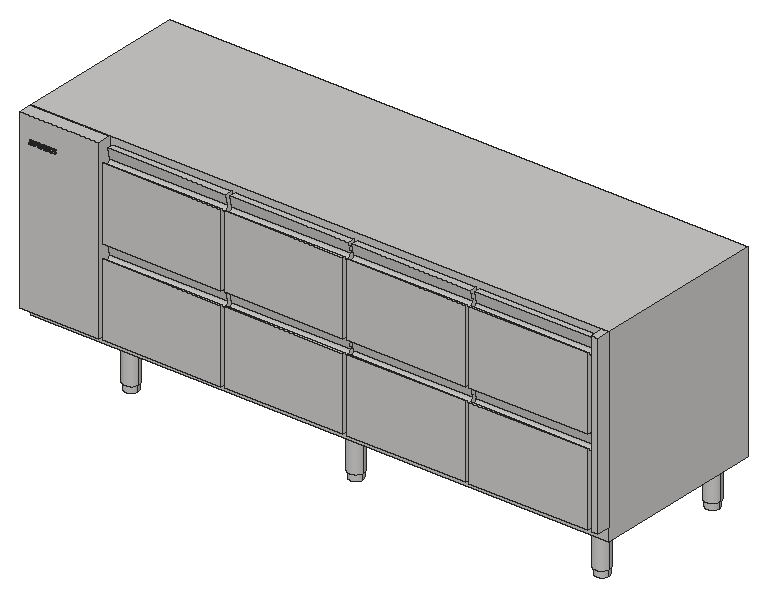
Revit family "QF_ALPENINOX_721092_AK4R7BBBB", category Attrezzature speciali, Revit 2018
Family settings
  Quota connettore circolare = Usa diametro
  Tipo di parte = Normale
  Basato su piano di lavoro = No
  Sempre verticale = Sì
  Taglio con vuoti quando caricato = No
  Condiviso = No
  Punto di calcolo locali = No
Parameters (values of type "Standard")
  Weight = 138.00 kg
  Watts = 270 W
  Volts = 220 V
  URL Manufacturer = "http://www.alpeninox.com"
  URL = "http://www.alpeninox.com"
  Steam Supply Size = 0 mm
  Steam Supply Minimum Pressure = 0.0 Pa
  Steam Supply Maximum Pressure = 0.0 Pa
  Steam Consumption per Hour = 0
  Refrigeration Suction Line Size = 0 mm
  Refrigeration Liquid Line Size = 0 mm
  Refrigerant Compressor Remote = yes
  Produttore = "Alpeninox"
  Phase = 1
  Modello = "AK4R7BBBB"
  Length Actual = 2149 mm  # constant formula
  Item Number = "721092"
  Hot Water Size = 0 mm
  Height Actual = 850 mm  # constant formula
  HP = "0.4 HP"
  Gas Size = 0 mm
  Gas KW = 0
  Gas Input Pressure = 0 W
  Direct Waste Size = 0 mm
  Descrizione = "8X1/2-DRAWER REFRIGERATED COUNTER, -2+10°C, FULL AISI 304 (R290), WITHOUT WORK TOP"
  Depth Actual = 700 mm  # constant formula
  Cycle = 50 Hz
  Condensate Return Size = 0 mm
  Compressed Air Volume = 0.0 L/s
  Compressed Air Size = 0 mm
  Compressed Air Pressure = 0.0 Pa
  Cold Water Size = 0 mm
  Accessory = yes
Values of the unnamed type that differ from the named types
  Weight = 0.00 kg
  Watts = 0 W
  Volts = 0 V
  URL Manufacturer = ""
  Item Number = ""
  HP = ""
  Cycle = 0 Hz
Reference planes
  plane 1: z = 0
  plane 2 "Center (Left/Right)": x = -126.5
  plane 3 "Center (Front/Back)": y = 64.5
  plane 4 "FEET": z = 150
  plane 5 "TOP": z = 900
  plane 6 "PLAIN": z = 850
  plane 7 "EI_back": y = 103
  plane 8 "EI_left": x = -1140
  plane 9 "BACK": y = 412
  plane 10 "FRONT": y = -283
  plane 11 "DOOR": y = -233
  plane 12 "LEFT": x = -1201
  plane 13 "RIGHT": x = 948
  plane 14: x = -1176
  plane 15: x = 923
Forms (mm)
  Extrusion 1, solid, material "QF_Finishes_Stainless Steel"
    sketch origin (-1022.223, -1524, 150) x (-1, 0, 0) y (0, -1, 0)
      loop
        circle (117.777, -1627) r 5
    from 0 to -40
  Extrusion 2, solid, material "QF_Finishes_Stainless Steel"
    sketch origin (-1022.223, -1524, 150) x (-1, 0, 0) y (0, -1, 0)
      loop
        line (-1945.223, -1291) -> (-1945.223, -1241) -> (-1970.223, -1241) -> (-1970.223, -1291) -> (-1945.223, -1291)
    from 48 to 700
  Extrusion 3, solid, material "QF_Finishes_Stainless Steel"
    sketch origin (-1022.223, -1524, 150) x (-1, 0, 0) y (0, -1, 0)
      loop
        line (178.777, -1936) -> (178.777, -1291) -> (-1970.223, -1291) -> (-1970.223, -1936) -> (178.777, -1936)
    from 0 to 700
Lines and regions (mm)
  symbolic lines, style "SpecialityEquipmentHiddenLines"
    curve 1: line (-1201, 412, 150) -> (948, 412, 150)
    curve 2: line (-1201, -283, 150) -> (-1201, 412, 150)
    curve 3: line (948, -283, 150) -> (-1201, -283, 150)
    curve 4: line (948, 412, 150) -> (948, -283, 150)
    curve 5: line (-1201, -233, 150) -> (948, -233, 150)
    curve 6: line (923, -283, 150) -> (923, -233, 150)
Dimensions and locks
  plane 4 "FEET" to level = 150 mm
  plane 11 "DOOR" to plane 10 "FRONT" = 50 mm
  plane 6 "PLAIN" to plane 4 "FEET" = 700 mm
  plane 5 "TOP" to plane 6 "PLAIN" = 50 mm
  plane 12 "LEFT" to plane 14 = 25 mm
  plane 15 to plane 13 "RIGHT" = 25 mm
  plane 9 "BACK" to plane 7 "EI_back" = 309 mm
  plane 12 "LEFT" to plane 8 "EI_left" = 61 mm
  plane 12 "LEFT" to plane 13 "RIGHT" = 2149 mm
  equal spacing: plane 12 "LEFT", plane 2 "Center (Left/Right)", plane 13 "RIGHT"
  plane 9 "BACK" to plane 10 "FRONT" = 695 mm
  equal spacing: plane 9 "BACK", plane 3 "Center (Front/Back)", plane 10 "FRONT"
  aligned and locked: level to plane 1
  aligned and locked: plane 13 "RIGHT" to Extrusion 2
  aligned and locked: Extrusion 2 to plane 15
Automatic sketch dimensions
  Extrusion 1 sketch curve to plane 7 "EI_back" = 0 mm
  Extrusion 1 sketch curve to plane 8 "EI_left" = 0 mm
  Extrusion 2 sketch curve to plane 11 "DOOR" = 0 mm
  Extrusion 2 sketch curve to plane 13 "RIGHT" = 0 mm
  Extrusion 2 sketch curve to plane 10 "FRONT" = 0 mm
  Extrusion 2 sketch curve to plane 15 = 0 mm
  Extrusion 3 sketch curve to plane 9 "BACK" = 0 mm
  Extrusion 3 sketch curve to plane 13 "RIGHT" = 0 mm
  Extrusion 3 sketch curve to plane 11 "DOOR" = 0 mm
  Extrusion 3 sketch curve to plane 12 "LEFT" = 0 mm
  curve 1 to plane 13 "RIGHT" = 0 mm
  curve 6 to plane 10 "FRONT" = 0 mm
  curve 6 to plane 15 = 0 mm
  curve 5 to plane 12 "LEFT" = 0 mm
  curve 6 to plane 11 "DOOR" = 0 mm
  curve 1 to plane 9 "BACK" = 0 mm
  radius of Extrusion 1 sketch curve = 5 mm
Nested families
  nested 1: "HPC_Refrigerator" at (948, -283, 0), type "HPC_Refrigerator"
  nested 2: "HPC_FEET" at (-867, 331, 0), type "HPC_FEET"
  nested 3: "HPC_FEET" at (882, 331, 0), type "HPC_FEET"
  nested 4: "HPC_FEET" at (-867, -183, 0), type "HPC_FEET"
  nested 5: "HPC_FEET" at (882, -183, 0), type "HPC_FEET"
  nested 6: "HPC_FEET" at (-32, -183, 0), type "HPC_FEET"
  nested 7: "HPC_APX_BI_TN_L" at (-994.08, -233, 598) x (1, 0, 0) z (0, -1, 0), type "HPC_APX_BI_TN_L"
    with Show Logo yes
  nested 8: "HPC_APX_HALF" at (-673, -233, 512) x (1, 0, 0) z (0, -1, 0), type "HPC_APX_HALF"
    with Show Clearance yes
  nested 9: "HPC_APX_HALF" at (-219, -233, 512) x (1, 0, 0) z (0, -1, 0), type "HPC_APX_HALF"
    with Show Clearance yes
  nested 10: "HPC_APX_HALF" at (235, -233, 512) x (1, 0, 0) z (0, -1, 0), type "HPC_APX_HALF"
    with Show Clearance yes
  nested 11: "HPC_APX_HALF" at (689, -233, 512) x (1, 0, 0) z (0, -1, 0), type "HPC_APX_HALF"
    with Show Clearance yes
Connectors
  electrical at (-1140, 103, 110), driven by "Volts"
    settings: on Extrusion 1, index 1, voltage 220 V, apparent load 0 VA, apparent load phase1 0 VA, apparent load phase2 0 VA, apparent load phase3 0 VA, power factor 1, load classification "Other", number of poles 1, system type 31, power factor state 1, is connector primary yes, connector utility no, sub classification motor no, connector description "Electrical Connection"
Definition of nested family "HPC_FEET"
  Parameters
    FEET = 150 mm
  Reference planes
    plane 1 "Center (Front/Back)": y = 0
    plane 2: z = 0
    plane 3 "Center (Left/Right)": x = 0
    plane 4: z = 150
  Forms (mm)
    Revolve 1, solid
      sketch origin (255.05, 0, 608.09) x (0, 0, 1) y (-1, 0, 0)
        loop
          line (-608.09, 255.05) -> (-608.09, 230.05) -> (-583.09, 230.05) -> (-583.09, 226.05) -> (-458.09, 226.05) -> (-458.09, 255.05) -> (-608.09, 255.05)
        axis (-608.09, 255.05) -> (-458.09, 255.05)
      angle from 0 to 360
  Dimensions and locks
    locked: Revolve 1 sketch curve to Revolve 1 sketch curve at 125
    "FEET": plane 4 to plane 2
    aligned and locked: level to plane 2
    aligned and locked: plane 4 to Revolve 1 sketch curve
    aligned and locked: Revolve 1 sketch curve to level
    aligned and locked: plane 3 "Center (Left/Right)" to Revolve 1 sketch curve
  Automatic sketch dimensions
    Revolve 1 sketch curve to plane 3 "Center (Left/Right)" = 0 mm
    Revolve 1 sketch curve to Revolve 1 sketch curve = 25 mm
    Revolve 1 sketch curve to Revolve 1 sketch curve = 29 mm
    plane 4 to Revolve 1 sketch curve = 50 mm
    Revolve 1 sketch curve to Revolve 1 sketch curve = 20 mm
Definition of nested family "HPC_APX_BI_TN_L"
  Parameters
    Show Logo [instance] = yes
    Default Elevation = 1219.2 mm
  Reference planes
    plane 1 "Center (Front/Back)": y = -74
    plane 2: z = 0
    plane 3 "Center (Left/Right)": x = -59.92
    plane 4: x = -206.92
    plane 5: x = 87.08
    plane 6: y = 252
    plane 7: y = -400
  Forms (mm)
    Extrusion 1, solid
      sketch origin (0, 0, 0) x (1, 0, 0) y (0, 1, 0)
        loop
          line (-1219.2, 1219.2) -> (-1219.2, -1219.2) -> (1219.2, -1219.2) -> (1219.2, 1219.2) -> (-1219.2, 1219.2)
      from 0 to -304.8
    Extrusion 2, solid
      sketch origin (0, 0, 0) x (1, 0, 0) y (0, 1, 0)
        loop
          line (-206.92, 252) -> (-206.92, -400) -> (87.08, -400) -> (87.08, 252) -> (-206.92, 252)
      from 0 to 50
    Extrusion 3, solid
      sketch origin (0, 0, 0) x (1, 0, 0) y (0, 1, 0)
        loop
          line (-168.675, 170.349) -> (-172.411, 160.318)
          arc (-172.411, 160.318) -> (-171.624, 158.497) -> (-169.837, 159.36) r 1.374
          line (-169.837, 159.36) -> (-169.268, 161.111) -> (-164.1, 161.111) -> (-163.54, 159.379)
          arc (-163.54, 159.379) -> (-161.802, 158.542) -> (-161.049, 160.318) r 1.333
          line (-161.049, 160.318) -> (-164.694, 170.349)
          arc (-164.694, 170.349) -> (-166.685, 171.876) -> (-168.675, 170.349) r 2.06
        loop
          line (-166.681, 169.055) -> (-168.469, 163.655) -> (-164.935, 163.655) -> (-166.681, 169.055)
        loop
          arc (-159.705, 160.042) -> (-159.262, 158.973) -> (-158.194, 158.531) r 1.512
          line (-158.194, 158.531) -> (-153.608, 158.531)
          arc (-153.608, 158.531) -> (-152.337, 159.802) -> (-153.608, 161.074) r 1.272
          line (-153.608, 161.074) -> (-156.917, 161.074) -> (-156.917, 170.328)
          arc (-156.917, 170.328) -> (-158.311, 171.722) -> (-159.705, 170.328) r 1.394
          line (-159.705, 170.328) -> (-159.705, 160.042)
        loop
          line (-151.076, 170.218) -> (-151.076, 159.859)
          arc (-151.076, 159.859) -> (-149.683, 158.466) -> (-148.29, 159.859) r 1.393
          line (-148.29, 159.859) -> (-148.29, 162.882) -> (-146.225, 162.882)
          arc (-146.225, 162.882) -> (-142.999, 163.859) -> (-141.608, 166.928) r 4.082
          arc (-141.608, 166.928) -> (-142.993, 170.272) -> (-146.336, 171.657) r 4.728
          line (-146.336, 171.657) -> (-149.638, 171.657)
          arc (-149.638, 171.657) -> (-150.655, 171.235) -> (-151.076, 170.218) r 1.439
        loop
          line (-148.29, 165.313) -> (-146.388, 165.313)
          arc (-146.388, 165.313) -> (-144.433, 167.268) -> (-146.388, 169.222) r 1.955
          line (-146.388, 169.222) -> (-148.29, 169.222) -> (-148.29, 165.313)
        loop
          arc (-131.184, 166.332) -> (-132.004, 168.2) -> (-133.767, 169.228) r 3.3
          arc (-133.767, 169.228) -> (-136.353, 168.661) -> (-137.611, 166.332) r 3.176
          line (-137.611, 166.332) -> (-131.184, 166.332)
        loop
          line (-137.538, 163.743) -> (-130.544, 163.743)
          arc (-130.544, 163.743) -> (-129.292, 163.916) -> (-128.301, 164.701) r 2.4
          arc (-128.301, 164.701) -> (-128.155, 165.545) -> (-128.212, 166.399) r 3.635
          arc (-128.212, 166.399) -> (-130.364, 170.162) -> (-134.39, 171.769) r 6.579
          arc (-134.39, 171.769) -> (-138.918, 169.706) -> (-140.661, 165.044) r 6.501
          arc (-140.661, 165.044) -> (-139.276, 160.789) -> (-135.401, 158.549) r 6.252
          arc (-135.401, 158.549) -> (-132.922, 158.526) -> (-130.544, 159.232) r 8.361
          arc (-130.544, 159.232) -> (-129.466, 159.781) -> (-128.641, 160.666) r 3.486
          arc (-128.641, 160.666) -> (-128.419, 161.592) -> (-128.828, 162.451) r 1.425
          arc (-128.828, 162.451) -> (-129.368, 162.762) -> (-129.99, 162.762) r 1.203
          arc (-129.99, 162.762) -> (-130.406, 162.59) -> (-130.764, 162.316) r 1.724
          arc (-130.764, 162.316) -> (-131.666, 161.705) -> (-132.646, 161.229) r 7.6
          arc (-132.646, 161.229) -> (-135.676, 161.35) -> (-137.538, 163.743) r 3.6
        loop
          line (-126.669, 170.328) -> (-126.669, 159.859)
          arc (-126.669, 159.859) -> (-125.273, 158.463) -> (-123.878, 159.859) r 1.396
          line (-123.878, 159.859) -> (-123.878, 166.785) -> (-117.946, 159.029)
          arc (-117.946, 159.029) -> (-116.361, 158.51) -> (-115.379, 159.859) r 1.417
          line (-115.379, 159.859) -> (-115.379, 170.328)
          arc (-115.379, 170.328) -> (-116.774, 171.723) -> (-118.169, 170.328) r 1.395
          line (-118.169, 170.328) -> (-118.169, 163.311) -> (-124.101, 171.157)
          arc (-124.101, 171.157) -> (-125.687, 171.678) -> (-126.669, 170.328) r 1.418
        loop
          arc (-113.636, 159.859) -> (-112.241, 158.464) -> (-110.847, 159.859) r 1.394
          line (-110.847, 159.859) -> (-110.847, 170.328)
          arc (-110.847, 170.328) -> (-112.241, 171.723) -> (-113.636, 170.328) r 1.394
          line (-113.636, 170.328) -> (-113.636, 159.859)
        loop
          line (-109.102, 170.328) -> (-109.102, 159.859)
          arc (-109.102, 159.859) -> (-107.706, 158.463) -> (-106.31, 159.859) r 1.396
          line (-106.31, 159.859) -> (-106.31, 166.785) -> (-100.378, 159.029)
          arc (-100.378, 159.029) -> (-98.793, 158.51) -> (-97.812, 159.859) r 1.417
          line (-97.812, 159.859) -> (-97.812, 170.328)
          arc (-97.812, 170.328) -> (-99.207, 171.723) -> (-100.602, 170.328) r 1.395
          line (-100.602, 170.328) -> (-100.602, 163.311) -> (-106.533, 171.157)
          arc (-106.533, 171.157) -> (-108.119, 171.678) -> (-109.102, 170.328) r 1.418
        loop
          arc (-96.345, 165.093) -> (-95.619, 161.877) -> (-93.467, 159.379) r 6.806
          arc (-93.467, 159.379) -> (-91.792, 158.566) -> (-89.948, 158.31) r 5.956
          arc (-89.948, 158.31) -> (-88.104, 158.566) -> (-86.43, 159.379) r 5.956
          arc (-86.43, 159.379) -> (-84.277, 161.877) -> (-83.551, 165.093) r 6.806
          arc (-83.551, 165.093) -> (-84.277, 168.31) -> (-86.43, 170.808) r 6.806
          arc (-86.43, 170.808) -> (-88.104, 171.621) -> (-89.948, 171.877) r 5.956
          arc (-89.948, 171.877) -> (-91.792, 171.621) -> (-93.467, 170.808) r 5.956
          arc (-93.467, 170.808) -> (-95.619, 168.31) -> (-96.345, 165.093) r 6.806
        loop
          arc (-93.425, 165.093) -> (-93.138, 163.212) -> (-92.081, 161.629) r 4.387
          arc (-92.081, 161.629) -> (-91.087, 161.049) -> (-89.948, 160.881) r 3.035
          arc (-89.948, 160.881) -> (-88.809, 161.049) -> (-87.815, 161.629) r 3.035
          arc (-87.815, 161.629) -> (-86.759, 163.212) -> (-86.472, 165.093) r 4.387
          arc (-86.472, 165.093) -> (-86.759, 166.975) -> (-87.815, 168.558) r 4.387
          arc (-87.815, 168.558) -> (-88.809, 169.138) -> (-89.948, 169.306) r 3.035
          arc (-89.948, 169.306) -> (-91.087, 169.138) -> (-92.081, 168.558) r 3.035
          arc (-92.081, 168.558) -> (-93.138, 166.975) -> (-93.425, 165.093) r 4.387
        loop
          line (-83.139, 169.609) -> (-80.126, 165.552) -> (-83.81, 160.652)
          arc (-83.81, 160.652) -> (-83.512, 158.692) -> (-81.559, 159.029) r 1.388
          line (-81.559, 159.029) -> (-78.51, 163.232) -> (-75.461, 159.029)
          arc (-75.461, 159.029) -> (-73.507, 158.692) -> (-73.21, 160.652) r 1.388
          line (-73.21, 160.652) -> (-76.894, 165.552) -> (-73.881, 169.609)
          arc (-73.881, 169.609) -> (-74.249, 171.597) -> (-76.205, 171.084) r 1.38
          line (-76.205, 171.084) -> (-78.51, 167.841) -> (-80.815, 171.084)
          arc (-80.815, 171.084) -> (-82.771, 171.597) -> (-83.139, 169.609) r 1.38
      from 50 to 51.6
  Lines and regions (mm)
    Split face 1
      outline origin (0, 0, 50) x (1, 0, 0) y (0, 1, 0)
        loop
          line (87.08, 183) -> (-172.92, 183)
          arc (-172.92, 183) -> (-190.42, 165.5) -> (-172.92, 148) r 17.5
          line (-172.92, 148) -> (87.08, 148)
    Split face 2
      outline origin (-38, 0, 50) x (1, 0, 0) y (0, 1, 0)
        loop
          line (-5.42, 177) -> (-5.42, 154) -> (64.58, 154) -> (64.58, 177) -> (-5.42, 177)
    Split face 3
      outline origin (-38, 0, 50) x (1, 0, 0) y (0, 1, 0)
        loop
          line (44.58, 174) -> (44.58, 157) -> (61.58, 157) -> (61.58, 174) -> (44.58, 174)
    Split face 4
      outline origin (0, 0, 50) x (1, 0, 0) y (0, 1, 0)
        loop
          line (-206.92, 188) -> (87.08, 188)
    Split face 5
      outline origin (0, 0, 50) x (1, 0, 0) y (0, 1, 0)
        loop
          arc (-163.464, 131.824) -> (-167.464, 127.824) -> (-163.464, 123.824) r 4
          line (-163.464, 123.824) -> (-121.464, 123.824)
          arc (-121.464, 123.824) -> (-117.464, 127.824) -> (-121.464, 131.824) r 4
          line (-121.464, 131.824) -> (-163.464, 131.824)
    Split face 6
      outline origin (330, 0, 50) x (1, 0, 0) y (0, 1, 0)
        loop
          arc (-328.464, 131.824) -> (-332.464, 127.824) -> (-328.464, 123.824) r 4
          line (-328.464, 123.824) -> (-286.464, 123.824)
          arc (-286.464, 123.824) -> (-282.464, 127.824) -> (-286.464, 131.824) r 4
          line (-286.464, 131.824) -> (-328.464, 131.824)
    Split face 7
      outline origin (110, 0, 50) x (1, 0, 0) y (0, 1, 0)
        loop
          arc (-218.464, 131.824) -> (-222.464, 127.824) -> (-218.464, 123.824) r 4
          line (-218.464, 123.824) -> (-176.464, 123.824)
          arc (-176.464, 123.824) -> (-172.464, 127.824) -> (-176.464, 131.824) r 4
          line (-176.464, 131.824) -> (-218.464, 131.824)
    Split face 8
      outline origin (220, 0, 50) x (1, 0, 0) y (0, 1, 0)
        loop
          arc (-273.464, 131.824) -> (-277.464, 127.824) -> (-273.464, 123.824) r 4
          line (-273.464, 123.824) -> (-231.464, 123.824)
          arc (-231.464, 123.824) -> (-227.464, 127.824) -> (-231.464, 131.824) r 4
          line (-231.464, 131.824) -> (-273.464, 131.824)
    Split face 9
      outline origin (0, -24, 50) x (1, 0, 0) y (0, 1, 0)
        loop
          arc (-163.464, 143.824) -> (-167.464, 139.824) -> (-163.464, 135.824) r 4
          line (-163.464, 135.824) -> (-121.464, 135.824)
          arc (-121.464, 135.824) -> (-117.464, 139.824) -> (-121.464, 143.824) r 4
          line (-121.464, 143.824) -> (-163.464, 143.824)
    Split face 10
      outline origin (330, -24, 50) x (1, 0, 0) y (0, 1, 0)
        loop
          arc (-328.464, 143.824) -> (-332.464, 139.824) -> (-328.464, 135.824) r 4
          line (-328.464, 135.824) -> (-286.464, 135.824)
          arc (-286.464, 135.824) -> (-282.464, 139.824) -> (-286.464, 143.824) r 4
          line (-286.464, 143.824) -> (-328.464, 143.824)
    Split face 11
      outline origin (110, -24, 50) x (1, 0, 0) y (0, 1, 0)
        loop
          arc (-218.464, 143.824) -> (-222.464, 139.824) -> (-218.464, 135.824) r 4
          line (-218.464, 135.824) -> (-176.464, 135.824)
          arc (-176.464, 135.824) -> (-172.464, 139.824) -> (-176.464, 143.824) r 4
          line (-176.464, 143.824) -> (-218.464, 143.824)
    Split face 12
      outline origin (220, -24, 50) x (1, 0, 0) y (0, 1, 0)
        loop
          arc (-273.464, 143.824) -> (-277.464, 139.824) -> (-273.464, 135.824) r 4
          line (-273.464, 135.824) -> (-231.464, 135.824)
          arc (-231.464, 135.824) -> (-227.464, 139.824) -> (-231.464, 143.824) r 4
          line (-231.464, 143.824) -> (-273.464, 143.824)
    Split face 13
      outline origin (0, -48, 50) x (1, 0, 0) y (0, 1, 0)
        loop
          arc (-163.464, 155.824) -> (-167.464, 151.824) -> (-163.464, 147.824) r 4
          line (-163.464, 147.824) -> (-121.464, 147.824)
          arc (-121.464, 147.824) -> (-117.464, 151.824) -> (-121.464, 155.824) r 4
          line (-121.464, 155.824) -> (-163.464, 155.824)
    Split face 14
      outline origin (330, -48, 50) x (1, 0, 0) y (0, 1, 0)
        loop
          arc (-328.464, 155.824) -> (-332.464, 151.824) -> (-328.464, 147.824) r 4
          line (-328.464, 147.824) -> (-286.464, 147.824)
          arc (-286.464, 147.824) -> (-282.464, 151.824) -> (-286.464, 155.824) r 4
          line (-286.464, 155.824) -> (-328.464, 155.824)
    Split face 15
      outline origin (110, -48, 50) x (1, 0, 0) y (0, 1, 0)
        loop
          arc (-218.464, 155.824) -> (-222.464, 151.824) -> (-218.464, 147.824) r 4
          line (-218.464, 147.824) -> (-176.464, 147.824)
          arc (-176.464, 147.824) -> (-172.464, 151.824) -> (-176.464, 155.824) r 4
          line (-176.464, 155.824) -> (-218.464, 155.824)
    Split face 16
      outline origin (220, -48, 50) x (1, 0, 0) y (0, 1, 0)
        loop
          arc (-273.464, 155.824) -> (-277.464, 151.824) -> (-273.464, 147.824) r 4
          line (-273.464, 147.824) -> (-231.464, 147.824)
          arc (-231.464, 147.824) -> (-227.464, 151.824) -> (-231.464, 155.824) r 4
          line (-231.464, 155.824) -> (-273.464, 155.824)
    Split face 17
      outline origin (0, -72, 50) x (1, 0, 0) y (0, 1, 0)
        loop
          arc (-163.464, 167.824) -> (-167.464, 163.824) -> (-163.464, 159.824) r 4
          line (-163.464, 159.824) -> (-121.464, 159.824)
          arc (-121.464, 159.824) -> (-117.464, 163.824) -> (-121.464, 167.824) r 4
          line (-121.464, 167.824) -> (-163.464, 167.824)
    Split face 18
      outline origin (330, -72, 50) x (1, 0, 0) y (0, 1, 0)
        loop
          arc (-328.464, 167.824) -> (-332.464, 163.824) -> (-328.464, 159.824) r 4
          line (-328.464, 159.824) -> (-286.464, 159.824)
          arc (-286.464, 159.824) -> (-282.464, 163.824) -> (-286.464, 167.824) r 4
          line (-286.464, 167.824) -> (-328.464, 167.824)
    Split face 19
      outline origin (110, -72, 50) x (1, 0, 0) y (0, 1, 0)
        loop
          arc (-218.464, 167.824) -> (-222.464, 163.824) -> (-218.464, 159.824) r 4
          line (-218.464, 159.824) -> (-176.464, 159.824)
          arc (-176.464, 159.824) -> (-172.464, 163.824) -> (-176.464, 167.824) r 4
          line (-176.464, 167.824) -> (-218.464, 167.824)
    Split face 20
      outline origin (220, -72, 50) x (1, 0, 0) y (0, 1, 0)
        loop
          arc (-273.464, 167.824) -> (-277.464, 163.824) -> (-273.464, 159.824) r 4
          line (-273.464, 159.824) -> (-231.464, 159.824)
          arc (-231.464, 159.824) -> (-227.464, 163.824) -> (-231.464, 167.824) r 4
          line (-231.464, 167.824) -> (-273.464, 167.824)
    Split face 21
      outline origin (0, -96, 50) x (1, 0, 0) y (0, 1, 0)
        loop
          arc (-163.464, 179.824) -> (-167.464, 175.824) -> (-163.464, 171.824) r 4
          line (-163.464, 171.824) -> (-121.464, 171.824)
          arc (-121.464, 171.824) -> (-117.464, 175.824) -> (-121.464, 179.824) r 4
          line (-121.464, 179.824) -> (-163.464, 179.824)
    Split face 22
      outline origin (330, -96, 50) x (1, 0, 0) y (0, 1, 0)
        loop
          arc (-328.464, 179.824) -> (-332.464, 175.824) -> (-328.464, 171.824) r 4
          line (-328.464, 171.824) -> (-286.464, 171.824)
          arc (-286.464, 171.824) -> (-282.464, 175.824) -> (-286.464, 179.824) r 4
          line (-286.464, 179.824) -> (-328.464, 179.824)
    Split face 23
      outline origin (110, -96, 50) x (1, 0, 0) y (0, 1, 0)
        loop
          arc (-218.464, 179.824) -> (-222.464, 175.824) -> (-218.464, 171.824) r 4
          line (-218.464, 171.824) -> (-176.464, 171.824)
          arc (-176.464, 171.824) -> (-172.464, 175.824) -> (-176.464, 179.824) r 4
          line (-176.464, 179.824) -> (-218.464, 179.824)
    Split face 24
      outline origin (220, -96, 50) x (1, 0, 0) y (0, 1, 0)
        loop
          arc (-273.464, 179.824) -> (-277.464, 175.824) -> (-273.464, 171.824) r 4
          line (-273.464, 171.824) -> (-231.464, 171.824)
          arc (-231.464, 171.824) -> (-227.464, 175.824) -> (-231.464, 179.824) r 4
          line (-231.464, 179.824) -> (-273.464, 179.824)
    Split face 25
      outline origin (0, -120, 50) x (1, 0, 0) y (0, 1, 0)
        loop
          arc (-163.464, 191.824) -> (-167.464, 187.824) -> (-163.464, 183.824) r 4
          line (-163.464, 183.824) -> (-121.464, 183.824)
          arc (-121.464, 183.824) -> (-117.464, 187.824) -> (-121.464, 191.824) r 4
          line (-121.464, 191.824) -> (-163.464, 191.824)
    Split face 26
      outline origin (330, -120, 50) x (1, 0, 0) y (0, 1, 0)
        loop
          arc (-328.464, 191.824) -> (-332.464, 187.824) -> (-328.464, 183.824) r 4
          line (-328.464, 183.824) -> (-286.464, 183.824)
          arc (-286.464, 183.824) -> (-282.464, 187.824) -> (-286.464, 191.824) r 4
          line (-286.464, 191.824) -> (-328.464, 191.824)
    Split face 27
      outline origin (110, -120, 50) x (1, 0, 0) y (0, 1, 0)
        loop
          arc (-218.464, 191.824) -> (-222.464, 187.824) -> (-218.464, 183.824) r 4
          line (-218.464, 183.824) -> (-176.464, 183.824)
          arc (-176.464, 183.824) -> (-172.464, 187.824) -> (-176.464, 191.824) r 4
          line (-176.464, 191.824) -> (-218.464, 191.824)
    Split face 28
      outline origin (220, -120, 50) x (1, 0, 0) y (0, 1, 0)
        loop
          arc (-273.464, 191.824) -> (-277.464, 187.824) -> (-273.464, 183.824) r 4
          line (-273.464, 183.824) -> (-231.464, 183.824)
          arc (-231.464, 183.824) -> (-227.464, 187.824) -> (-231.464, 191.824) r 4
          line (-231.464, 191.824) -> (-273.464, 191.824)
    Split face 29
      outline origin (0, -144, 50) x (1, 0, 0) y (0, 1, 0)
        loop
          arc (-163.464, 203.824) -> (-167.464, 199.824) -> (-163.464, 195.824) r 4
          line (-163.464, 195.824) -> (-121.464, 195.824)
          arc (-121.464, 195.824) -> (-117.464, 199.824) -> (-121.464, 203.824) r 4
          line (-121.464, 203.824) -> (-163.464, 203.824)
    Split face 30
      outline origin (330, -144, 50) x (1, 0, 0) y (0, 1, 0)
        loop
          arc (-328.464, 203.824) -> (-332.464, 199.824) -> (-328.464, 195.824) r 4
          line (-328.464, 195.824) -> (-286.464, 195.824)
          arc (-286.464, 195.824) -> (-282.464, 199.824) -> (-286.464, 203.824) r 4
          line (-286.464, 203.824) -> (-328.464, 203.824)
    Split face 31
      outline origin (110, -144, 50) x (1, 0, 0) y (0, 1, 0)
        loop
          arc (-218.464, 203.824) -> (-222.464, 199.824) -> (-218.464, 195.824) r 4
          line (-218.464, 195.824) -> (-176.464, 195.824)
          arc (-176.464, 195.824) -> (-172.464, 199.824) -> (-176.464, 203.824) r 4
          line (-176.464, 203.824) -> (-218.464, 203.824)
    Split face 32
      outline origin (220, -144, 50) x (1, 0, 0) y (0, 1, 0)
        loop
          arc (-273.464, 203.824) -> (-277.464, 199.824) -> (-273.464, 195.824) r 4
          line (-273.464, 195.824) -> (-231.464, 195.824)
          arc (-231.464, 195.824) -> (-227.464, 199.824) -> (-231.464, 203.824) r 4
          line (-231.464, 203.824) -> (-273.464, 203.824)
    Split face 33
      outline origin (0, -168, 50) x (1, 0, 0) y (0, 1, 0)
        loop
          arc (-163.464, 215.824) -> (-167.464, 211.824) -> (-163.464, 207.824) r 4
          line (-163.464, 207.824) -> (-121.464, 207.824)
          arc (-121.464, 207.824) -> (-117.464, 211.824) -> (-121.464, 215.824) r 4
          line (-121.464, 215.824) -> (-163.464, 215.824)
    Split face 34
      outline origin (330, -168, 50) x (1, 0, 0) y (0, 1, 0)
        loop
          arc (-328.464, 215.824) -> (-332.464, 211.824) -> (-328.464, 207.824) r 4
          line (-328.464, 207.824) -> (-286.464, 207.824)
          arc (-286.464, 207.824) -> (-282.464, 211.824) -> (-286.464, 215.824) r 4
          line (-286.464, 215.824) -> (-328.464, 215.824)
    Split face 35
      outline origin (110, -168, 50) x (1, 0, 0) y (0, 1, 0)
        loop
          arc (-218.464, 215.824) -> (-222.464, 211.824) -> (-218.464, 207.824) r 4
          line (-218.464, 207.824) -> (-176.464, 207.824)
          arc (-176.464, 207.824) -> (-172.464, 211.824) -> (-176.464, 215.824) r 4
          line (-176.464, 215.824) -> (-218.464, 215.824)
    Split face 36
      outline origin (220, -168, 50) x (1, 0, 0) y (0, 1, 0)
        loop
          arc (-273.464, 215.824) -> (-277.464, 211.824) -> (-273.464, 207.824) r 4
          line (-273.464, 207.824) -> (-231.464, 207.824)
          arc (-231.464, 207.824) -> (-227.464, 211.824) -> (-231.464, 215.824) r 4
          line (-231.464, 215.824) -> (-273.464, 215.824)
    Split face 37
      outline origin (0, -192, 50) x (1, 0, 0) y (0, 1, 0)
        loop
          arc (-163.464, 227.824) -> (-167.464, 223.824) -> (-163.464, 219.824) r 4
          line (-163.464, 219.824) -> (-121.464, 219.824)
          arc (-121.464, 219.824) -> (-117.464, 223.824) -> (-121.464, 227.824) r 4
          line (-121.464, 227.824) -> (-163.464, 227.824)
    Split face 38
      outline origin (330, -192, 50) x (1, 0, 0) y (0, 1, 0)
        loop
          arc (-328.464, 227.824) -> (-332.464, 223.824) -> (-328.464, 219.824) r 4
          line (-328.464, 219.824) -> (-286.464, 219.824)
          arc (-286.464, 219.824) -> (-282.464, 223.824) -> (-286.464, 227.824) r 4
          line (-286.464, 227.824) -> (-328.464, 227.824)
    Split face 39
      outline origin (110, -192, 50) x (1, 0, 0) y (0, 1, 0)
        loop
          arc (-218.464, 227.824) -> (-222.464, 223.824) -> (-218.464, 219.824) r 4
          line (-218.464, 219.824) -> (-176.464, 219.824)
          arc (-176.464, 219.824) -> (-172.464, 223.824) -> (-176.464, 227.824) r 4
          line (-176.464, 227.824) -> (-218.464, 227.824)
    Split face 40
      outline origin (220, -192, 50) x (1, 0, 0) y (0, 1, 0)
        loop
          arc (-273.464, 227.824) -> (-277.464, 223.824) -> (-273.464, 219.824) r 4
          line (-273.464, 219.824) -> (-231.464, 219.824)
          arc (-231.464, 219.824) -> (-227.464, 223.824) -> (-231.464, 227.824) r 4
          line (-231.464, 227.824) -> (-273.464, 227.824)
    Split face 41
      outline origin (0, -216, 50) x (1, 0, 0) y (0, 1, 0)
        loop
          arc (-163.464, 239.824) -> (-167.464, 235.824) -> (-163.464, 231.824) r 4
          line (-163.464, 231.824) -> (-121.464, 231.824)
          arc (-121.464, 231.824) -> (-117.464, 235.824) -> (-121.464, 239.824) r 4
          line (-121.464, 239.824) -> (-163.464, 239.824)
    Split face 42
      outline origin (330, -216, 50) x (1, 0, 0) y (0, 1, 0)
        loop
          arc (-328.464, 239.824) -> (-332.464, 235.824) -> (-328.464, 231.824) r 4
          line (-328.464, 231.824) -> (-286.464, 231.824)
          arc (-286.464, 231.824) -> (-282.464, 235.824) -> (-286.464, 239.824) r 4
          line (-286.464, 239.824) -> (-328.464, 239.824)
    Split face 43
      outline origin (110, -216, 50) x (1, 0, 0) y (0, 1, 0)
        loop
          arc (-218.464, 239.824) -> (-222.464, 235.824) -> (-218.464, 231.824) r 4
          line (-218.464, 231.824) -> (-176.464, 231.824)
          arc (-176.464, 231.824) -> (-172.464, 235.824) -> (-176.464, 239.824) r 4
          line (-176.464, 239.824) -> (-218.464, 239.824)
    Split face 44
      outline origin (220, -216, 50) x (1, 0, 0) y (0, 1, 0)
        loop
          arc (-273.464, 239.824) -> (-277.464, 235.824) -> (-273.464, 231.824) r 4
          line (-273.464, 231.824) -> (-231.464, 231.824)
          arc (-231.464, 231.824) -> (-227.464, 235.824) -> (-231.464, 239.824) r 4
          line (-231.464, 239.824) -> (-273.464, 239.824)
    Split face 45
      outline origin (0, -240, 50) x (1, 0, 0) y (0, 1, 0)
        loop
          arc (-163.464, 251.824) -> (-167.464, 247.824) -> (-163.464, 243.824) r 4
          line (-163.464, 243.824) -> (-121.464, 243.824)
          arc (-121.464, 243.824) -> (-117.464, 247.824) -> (-121.464, 251.824) r 4
          line (-121.464, 251.824) -> (-163.464, 251.824)
    Split face 46
      outline origin (330, -240, 50) x (1, 0, 0) y (0, 1, 0)
        loop
          arc (-328.464, 251.824) -> (-332.464, 247.824) -> (-328.464, 243.824) r 4
          line (-328.464, 243.824) -> (-286.464, 243.824)
          arc (-286.464, 243.824) -> (-282.464, 247.824) -> (-286.464, 251.824) r 4
          line (-286.464, 251.824) -> (-328.464, 251.824)
    Split face 47
      outline origin (110, -240, 50) x (1, 0, 0) y (0, 1, 0)
        loop
          arc (-218.464, 251.824) -> (-222.464, 247.824) -> (-218.464, 243.824) r 4
          line (-218.464, 243.824) -> (-176.464, 243.824)
          arc (-176.464, 243.824) -> (-172.464, 247.824) -> (-176.464, 251.824) r 4
          line (-176.464, 251.824) -> (-218.464, 251.824)
    Split face 48
      outline origin (220, -240, 50) x (1, 0, 0) y (0, 1, 0)
        loop
          arc (-273.464, 251.824) -> (-277.464, 247.824) -> (-273.464, 243.824) r 4
          line (-273.464, 243.824) -> (-231.464, 243.824)
          arc (-231.464, 243.824) -> (-227.464, 247.824) -> (-231.464, 251.824) r 4
          line (-231.464, 251.824) -> (-273.464, 251.824)
    Split face 49
      outline origin (0, -264, 50) x (1, 0, 0) y (0, 1, 0)
        loop
          arc (-163.464, 263.824) -> (-167.464, 259.824) -> (-163.464, 255.824) r 4
          line (-163.464, 255.824) -> (-121.464, 255.824)
          arc (-121.464, 255.824) -> (-117.464, 259.824) -> (-121.464, 263.824) r 4
          line (-121.464, 263.824) -> (-163.464, 263.824)
    Split face 50
      outline origin (330, -264, 50) x (1, 0, 0) y (0, 1, 0)
        loop
          arc (-328.464, 263.824) -> (-332.464, 259.824) -> (-328.464, 255.824) r 4
          line (-328.464, 255.824) -> (-286.464, 255.824)
          arc (-286.464, 255.824) -> (-282.464, 259.824) -> (-286.464, 263.824) r 4
          line (-286.464, 263.824) -> (-328.464, 263.824)
    Split face 51
      outline origin (110, -264, 50) x (1, 0, 0) y (0, 1, 0)
        loop
          arc (-218.464, 263.824) -> (-222.464, 259.824) -> (-218.464, 255.824) r 4
          line (-218.464, 255.824) -> (-176.464, 255.824)
          arc (-176.464, 255.824) -> (-172.464, 259.824) -> (-176.464, 263.824) r 4
          line (-176.464, 263.824) -> (-218.464, 263.824)
    Split face 52
      outline origin (220, -264, 50) x (1, 0, 0) y (0, 1, 0)
        loop
          arc (-273.464, 263.824) -> (-277.464, 259.824) -> (-273.464, 255.824) r 4
          line (-273.464, 255.824) -> (-231.464, 255.824)
          arc (-231.464, 255.824) -> (-227.464, 259.824) -> (-231.464, 263.824) r 4
          line (-231.464, 263.824) -> (-273.464, 263.824)
    Split face 53
      outline origin (0, -288, 50) x (1, 0, 0) y (0, 1, 0)
        loop
          arc (-163.464, 275.824) -> (-167.464, 271.824) -> (-163.464, 267.824) r 4
          line (-163.464, 267.824) -> (-121.464, 267.824)
          arc (-121.464, 267.824) -> (-117.464, 271.824) -> (-121.464, 275.824) r 4
          line (-121.464, 275.824) -> (-163.464, 275.824)
    Split face 54
      outline origin (330, -288, 50) x (1, 0, 0) y (0, 1, 0)
        loop
          arc (-328.464, 275.824) -> (-332.464, 271.824) -> (-328.464, 267.824) r 4
          line (-328.464, 267.824) -> (-286.464, 267.824)
          arc (-286.464, 267.824) -> (-282.464, 271.824) -> (-286.464, 275.824) r 4
          line (-286.464, 275.824) -> (-328.464, 275.824)
    Split face 55
      outline origin (110, -288, 50) x (1, 0, 0) y (0, 1, 0)
        loop
          arc (-218.464, 275.824) -> (-222.464, 271.824) -> (-218.464, 267.824) r 4
          line (-218.464, 267.824) -> (-176.464, 267.824)
          arc (-176.464, 267.824) -> (-172.464, 271.824) -> (-176.464, 275.824) r 4
          line (-176.464, 275.824) -> (-218.464, 275.824)
    Split face 56
      outline origin (220, -288, 50) x (1, 0, 0) y (0, 1, 0)
        loop
          arc (-273.464, 275.824) -> (-277.464, 271.824) -> (-273.464, 267.824) r 4
          line (-273.464, 267.824) -> (-231.464, 267.824)
          arc (-231.464, 267.824) -> (-227.464, 271.824) -> (-231.464, 275.824) r 4
          line (-231.464, 275.824) -> (-273.464, 275.824)
    Split face 57
      outline origin (0, -312, 50) x (1, 0, 0) y (0, 1, 0)
        loop
          arc (-163.464, 287.824) -> (-167.464, 283.824) -> (-163.464, 279.824) r 4
          line (-163.464, 279.824) -> (-121.464, 279.824)
          arc (-121.464, 279.824) -> (-117.464, 283.824) -> (-121.464, 287.824) r 4
          line (-121.464, 287.824) -> (-163.464, 287.824)
    Split face 58
      outline origin (330, -312, 50) x (1, 0, 0) y (0, 1, 0)
        loop
          arc (-328.464, 287.824) -> (-332.464, 283.824) -> (-328.464, 279.824) r 4
          line (-328.464, 279.824) -> (-286.464, 279.824)
          arc (-286.464, 279.824) -> (-282.464, 283.824) -> (-286.464, 287.824) r 4
          line (-286.464, 287.824) -> (-328.464, 287.824)
    Split face 59
      outline origin (110, -312, 50) x (1, 0, 0) y (0, 1, 0)
        loop
          arc (-218.464, 287.824) -> (-222.464, 283.824) -> (-218.464, 279.824) r 4
          line (-218.464, 279.824) -> (-176.464, 279.824)
          arc (-176.464, 279.824) -> (-172.464, 283.824) -> (-176.464, 287.824) r 4
          line (-176.464, 287.824) -> (-218.464, 287.824)
    Split face 60
      outline origin (220, -312, 50) x (1, 0, 0) y (0, 1, 0)
        loop
          arc (-273.464, 287.824) -> (-277.464, 283.824) -> (-273.464, 279.824) r 4
          line (-273.464, 279.824) -> (-231.464, 279.824)
          arc (-231.464, 279.824) -> (-227.464, 283.824) -> (-231.464, 287.824) r 4
          line (-231.464, 287.824) -> (-273.464, 287.824)
    Split face 61
      outline origin (0, -336, 50) x (1, 0, 0) y (0, 1, 0)
        loop
          arc (-163.464, 299.824) -> (-167.464, 295.824) -> (-163.464, 291.824) r 4
          line (-163.464, 291.824) -> (-121.464, 291.824)
          arc (-121.464, 291.824) -> (-117.464, 295.824) -> (-121.464, 299.824) r 4
          line (-121.464, 299.824) -> (-163.464, 299.824)
    Split face 62
      outline origin (330, -336, 50) x (1, 0, 0) y (0, 1, 0)
        loop
          arc (-328.464, 299.824) -> (-332.464, 295.824) -> (-328.464, 291.824) r 4
          line (-328.464, 291.824) -> (-286.464, 291.824)
          arc (-286.464, 291.824) -> (-282.464, 295.824) -> (-286.464, 299.824) r 4
          line (-286.464, 299.824) -> (-328.464, 299.824)
    Split face 63
      outline origin (110, -336, 50) x (1, 0, 0) y (0, 1, 0)
        loop
          arc (-218.464, 299.824) -> (-222.464, 295.824) -> (-218.464, 291.824) r 4
          line (-218.464, 291.824) -> (-176.464, 291.824)
          arc (-176.464, 291.824) -> (-172.464, 295.824) -> (-176.464, 299.824) r 4
          line (-176.464, 299.824) -> (-218.464, 299.824)
    Split face 64
      outline origin (220, -336, 50) x (1, 0, 0) y (0, 1, 0)
        loop
          arc (-273.464, 299.824) -> (-277.464, 295.824) -> (-273.464, 291.824) r 4
          line (-273.464, 291.824) -> (-231.464, 291.824)
          arc (-231.464, 291.824) -> (-227.464, 295.824) -> (-231.464, 299.824) r 4
          line (-231.464, 299.824) -> (-273.464, 299.824)
    Split face 65
      outline origin (0, -360, 50) x (1, 0, 0) y (0, 1, 0)
        loop
          arc (-163.464, 311.824) -> (-167.464, 307.824) -> (-163.464, 303.824) r 4
          line (-163.464, 303.824) -> (-121.464, 303.824)
          arc (-121.464, 303.824) -> (-117.464, 307.824) -> (-121.464, 311.824) r 4
          line (-121.464, 311.824) -> (-163.464, 311.824)
    Split face 66
      outline origin (330, -360, 50) x (1, 0, 0) y (0, 1, 0)
        loop
          arc (-328.464, 311.824) -> (-332.464, 307.824) -> (-328.464, 303.824) r 4
          line (-328.464, 303.824) -> (-286.464, 303.824)
          arc (-286.464, 303.824) -> (-282.464, 307.824) -> (-286.464, 311.824) r 4
          line (-286.464, 311.824) -> (-328.464, 311.824)
    Split face 67
      outline origin (110, -360, 50) x (1, 0, 0) y (0, 1, 0)
        loop
          arc (-218.464, 311.824) -> (-222.464, 307.824) -> (-218.464, 303.824) r 4
          line (-218.464, 303.824) -> (-176.464, 303.824)
          arc (-176.464, 303.824) -> (-172.464, 307.824) -> (-176.464, 311.824) r 4
          line (-176.464, 311.824) -> (-218.464, 311.824)
    Split face 68
      outline origin (220, -360, 50) x (1, 0, 0) y (0, 1, 0)
        loop
          arc (-273.464, 311.824) -> (-277.464, 307.824) -> (-273.464, 303.824) r 4
          line (-273.464, 303.824) -> (-231.464, 303.824)
          arc (-231.464, 303.824) -> (-227.464, 307.824) -> (-231.464, 311.824) r 4
          line (-231.464, 311.824) -> (-273.464, 311.824)
    Split face 69
      outline origin (0, 0, 50) x (1, 0, 0) y (0, 1, 0)
        loop
          line (-206.92, 143) -> (87.08, 143)
    Split face 70
      outline origin (0, -663.3, 50) x (1, 0, 0) y (0, 1, 0)
        loop
          arc (-163.464, 463.474) -> (-167.464, 459.474) -> (-163.464, 455.474) r 4
          line (-163.464, 455.474) -> (-121.464, 455.474)
          arc (-121.464, 455.474) -> (-117.464, 459.474) -> (-121.464, 463.474) r 4
          line (-121.464, 463.474) -> (-163.464, 463.474)
    Split face 71
      outline origin (330, -663.3, 50) x (1, 0, 0) y (0, 1, 0)
        loop
          arc (-328.464, 463.474) -> (-332.464, 459.474) -> (-328.464, 455.474) r 4
          line (-328.464, 455.474) -> (-286.464, 455.474)
          arc (-286.464, 455.474) -> (-282.464, 459.474) -> (-286.464, 463.474) r 4
          line (-286.464, 463.474) -> (-328.464, 463.474)
    Split face 72
      outline origin (110, -663.3, 50) x (1, 0, 0) y (0, 1, 0)
        loop
          arc (-218.464, 463.474) -> (-222.464, 459.474) -> (-218.464, 455.474) r 4
          line (-218.464, 455.474) -> (-176.464, 455.474)
          arc (-176.464, 455.474) -> (-172.464, 459.474) -> (-176.464, 463.474) r 4
          line (-176.464, 463.474) -> (-218.464, 463.474)
    Split face 73
      outline origin (220, -663.3, 50) x (1, 0, 0) y (0, 1, 0)
        loop
          arc (-273.464, 463.474) -> (-277.464, 459.474) -> (-273.464, 455.474) r 4
          line (-273.464, 455.474) -> (-231.464, 455.474)
          arc (-231.464, 455.474) -> (-227.464, 459.474) -> (-231.464, 463.474) r 4
          line (-231.464, 463.474) -> (-273.464, 463.474)
    Split face 74
      outline origin (0, -687.3, 50) x (1, 0, 0) y (0, 1, 0)
        loop
          arc (-163.464, 475.474) -> (-167.464, 471.474) -> (-163.464, 467.474) r 4
          line (-163.464, 467.474) -> (-121.464, 467.474)
          arc (-121.464, 467.474) -> (-117.464, 471.474) -> (-121.464, 475.474) r 4
          line (-121.464, 475.474) -> (-163.464, 475.474)
    Split face 75
      outline origin (330, -687.3, 50) x (1, 0, 0) y (0, 1, 0)
        loop
          arc (-328.464, 475.474) -> (-332.464, 471.474) -> (-328.464, 467.474) r 4
          line (-328.464, 467.474) -> (-286.464, 467.474)
          arc (-286.464, 467.474) -> (-282.464, 471.474) -> (-286.464, 475.474) r 4
          line (-286.464, 475.474) -> (-328.464, 475.474)
    Split face 76
      outline origin (110, -687.3, 50) x (1, 0, 0) y (0, 1, 0)
        loop
          arc (-218.464, 475.474) -> (-222.464, 471.474) -> (-218.464, 467.474) r 4
          line (-218.464, 467.474) -> (-176.464, 467.474)
          arc (-176.464, 467.474) -> (-172.464, 471.474) -> (-176.464, 475.474) r 4
          line (-176.464, 475.474) -> (-218.464, 475.474)
    Split face 77
      outline origin (220, -687.3, 50) x (1, 0, 0) y (0, 1, 0)
        loop
          arc (-273.464, 475.474) -> (-277.464, 471.474) -> (-273.464, 467.474) r 4
          line (-273.464, 467.474) -> (-231.464, 467.474)
          arc (-231.464, 467.474) -> (-227.464, 471.474) -> (-231.464, 475.474) r 4
          line (-231.464, 475.474) -> (-273.464, 475.474)
    Split face 78
      outline origin (0, -711.3, 50) x (1, 0, 0) y (0, 1, 0)
        loop
          arc (-163.464, 487.474) -> (-167.464, 483.474) -> (-163.464, 479.474) r 4
          line (-163.464, 479.474) -> (-121.464, 479.474)
          arc (-121.464, 479.474) -> (-117.464, 483.474) -> (-121.464, 487.474) r 4
          line (-121.464, 487.474) -> (-163.464, 487.474)
    Split face 79
      outline origin (330, -711.3, 50) x (1, 0, 0) y (0, 1, 0)
        loop
          arc (-328.464, 487.474) -> (-332.464, 483.474) -> (-328.464, 479.474) r 4
          line (-328.464, 479.474) -> (-286.464, 479.474)
          arc (-286.464, 479.474) -> (-282.464, 483.474) -> (-286.464, 487.474) r 4
          line (-286.464, 487.474) -> (-328.464, 487.474)
    Split face 80
      outline origin (110, -711.3, 50) x (1, 0, 0) y (0, 1, 0)
        loop
          arc (-218.464, 487.474) -> (-222.464, 483.474) -> (-218.464, 479.474) r 4
          line (-218.464, 479.474) -> (-176.464, 479.474)
          arc (-176.464, 479.474) -> (-172.464, 483.474) -> (-176.464, 487.474) r 4
          line (-176.464, 487.474) -> (-218.464, 487.474)
    Split face 81
      outline origin (220, -711.3, 50) x (1, 0, 0) y (0, 1, 0)
        loop
          arc (-273.464, 487.474) -> (-277.464, 483.474) -> (-273.464, 479.474) r 4
          line (-273.464, 479.474) -> (-231.464, 479.474)
          arc (-231.464, 479.474) -> (-227.464, 483.474) -> (-231.464, 487.474) r 4
          line (-231.464, 487.474) -> (-273.464, 487.474)
    Split face 82
      outline origin (0, -735.3, 50) x (1, 0, 0) y (0, 1, 0)
        loop
          arc (-163.464, 499.474) -> (-167.464, 495.474) -> (-163.464, 491.474) r 4
          line (-163.464, 491.474) -> (-121.464, 491.474)
          arc (-121.464, 491.474) -> (-117.464, 495.474) -> (-121.464, 499.474) r 4
          line (-121.464, 499.474) -> (-163.464, 499.474)
    Split face 83
      outline origin (330, -735.3, 50) x (1, 0, 0) y (0, 1, 0)
        loop
          arc (-328.464, 499.474) -> (-332.464, 495.474) -> (-328.464, 491.474) r 4
          line (-328.464, 491.474) -> (-286.464, 491.474)
          arc (-286.464, 491.474) -> (-282.464, 495.474) -> (-286.464, 499.474) r 4
          line (-286.464, 499.474) -> (-328.464, 499.474)
    Split face 84
      outline origin (110, -735.3, 50) x (1, 0, 0) y (0, 1, 0)
        loop
          arc (-218.464, 499.474) -> (-222.464, 495.474) -> (-218.464, 491.474) r 4
          line (-218.464, 491.474) -> (-176.464, 491.474)
          arc (-176.464, 491.474) -> (-172.464, 495.474) -> (-176.464, 499.474) r 4
          line (-176.464, 499.474) -> (-218.464, 499.474)
    Split face 85
      outline origin (220, -735.3, 50) x (1, 0, 0) y (0, 1, 0)
        loop
          arc (-273.464, 499.474) -> (-277.464, 495.474) -> (-273.464, 491.474) r 4
          line (-273.464, 491.474) -> (-231.464, 491.474)
          arc (-231.464, 491.474) -> (-227.464, 495.474) -> (-231.464, 499.474) r 4
          line (-231.464, 499.474) -> (-273.464, 499.474)
    Split face 86
      outline origin (0, -759.3, 50) x (1, 0, 0) y (0, 1, 0)
        loop
          arc (-163.464, 511.474) -> (-167.464, 507.474) -> (-163.464, 503.474) r 4
          line (-163.464, 503.474) -> (-121.464, 503.474)
          arc (-121.464, 503.474) -> (-117.464, 507.474) -> (-121.464, 511.474) r 4
          line (-121.464, 511.474) -> (-163.464, 511.474)
    Split face 87
      outline origin (330, -759.3, 50) x (1, 0, 0) y (0, 1, 0)
        loop
          arc (-328.464, 511.474) -> (-332.464, 507.474) -> (-328.464, 503.474) r 4
          line (-328.464, 503.474) -> (-286.464, 503.474)
          arc (-286.464, 503.474) -> (-282.464, 507.474) -> (-286.464, 511.474) r 4
          line (-286.464, 511.474) -> (-328.464, 511.474)
    Split face 88
      outline origin (110, -759.3, 50) x (1, 0, 0) y (0, 1, 0)
        loop
          arc (-218.464, 511.474) -> (-222.464, 507.474) -> (-218.464, 503.474) r 4
          line (-218.464, 503.474) -> (-176.464, 503.474)
          arc (-176.464, 503.474) -> (-172.464, 507.474) -> (-176.464, 511.474) r 4
          line (-176.464, 511.474) -> (-218.464, 511.474)
    Split face 89
      outline origin (220, -759.3, 50) x (1, 0, 0) y (0, 1, 0)
        loop
          arc (-273.464, 511.474) -> (-277.464, 507.474) -> (-273.464, 503.474) r 4
          line (-273.464, 503.474) -> (-231.464, 503.474)
          arc (-231.464, 503.474) -> (-227.464, 507.474) -> (-231.464, 511.474) r 4
          line (-231.464, 511.474) -> (-273.464, 511.474)
    Split face 90
      outline origin (0, -783.3, 50) x (1, 0, 0) y (0, 1, 0)
        loop
          arc (-163.464, 523.474) -> (-167.464, 519.474) -> (-163.464, 515.474) r 4
          line (-163.464, 515.474) -> (-121.464, 515.474)
          arc (-121.464, 515.474) -> (-117.464, 519.474) -> (-121.464, 523.474) r 4
          line (-121.464, 523.474) -> (-163.464, 523.474)
    Split face 91
      outline origin (330, -783.3, 50) x (1, 0, 0) y (0, 1, 0)
        loop
          arc (-328.464, 523.474) -> (-332.464, 519.474) -> (-328.464, 515.474) r 4
          line (-328.464, 515.474) -> (-286.464, 515.474)
          arc (-286.464, 515.474) -> (-282.464, 519.474) -> (-286.464, 523.474) r 4
          line (-286.464, 523.474) -> (-328.464, 523.474)
    Split face 92
      outline origin (110, -783.3, 50) x (1, 0, 0) y (0, 1, 0)
        loop
          arc (-218.464, 523.474) -> (-222.464, 519.474) -> (-218.464, 515.474) r 4
          line (-218.464, 515.474) -> (-176.464, 515.474)
          arc (-176.464, 515.474) -> (-172.464, 519.474) -> (-176.464, 523.474) r 4
          line (-176.464, 523.474) -> (-218.464, 523.474)
    Split face 93
      outline origin (220, -783.3, 50) x (1, 0, 0) y (0, 1, 0)
        loop
          arc (-273.464, 523.474) -> (-277.464, 519.474) -> (-273.464, 515.474) r 4
          line (-273.464, 515.474) -> (-231.464, 515.474)
          arc (-231.464, 515.474) -> (-227.464, 519.474) -> (-231.464, 523.474) r 4
          line (-231.464, 523.474) -> (-273.464, 523.474)
    Split face 94
      outline origin (0, -807.3, 50) x (1, 0, 0) y (0, 1, 0)
        loop
          arc (-163.464, 535.474) -> (-167.464, 531.474) -> (-163.464, 527.474) r 4
          line (-163.464, 527.474) -> (-121.464, 527.474)
          arc (-121.464, 527.474) -> (-117.464, 531.474) -> (-121.464, 535.474) r 4
          line (-121.464, 535.474) -> (-163.464, 535.474)
    Split face 95
      outline origin (330, -807.3, 50) x (1, 0, 0) y (0, 1, 0)
        loop
          arc (-328.464, 535.474) -> (-332.464, 531.474) -> (-328.464, 527.474) r 4
          line (-328.464, 527.474) -> (-286.464, 527.474)
          arc (-286.464, 527.474) -> (-282.464, 531.474) -> (-286.464, 535.474) r 4
          line (-286.464, 535.474) -> (-328.464, 535.474)
    Split face 96
      outline origin (110, -807.3, 50) x (1, 0, 0) y (0, 1, 0)
        loop
          arc (-218.464, 535.474) -> (-222.464, 531.474) -> (-218.464, 527.474) r 4
          line (-218.464, 527.474) -> (-176.464, 527.474)
          arc (-176.464, 527.474) -> (-172.464, 531.474) -> (-176.464, 535.474) r 4
          line (-176.464, 535.474) -> (-218.464, 535.474)
    Split face 97
      outline origin (220, -807.3, 50) x (1, 0, 0) y (0, 1, 0)
        loop
          arc (-273.464, 535.474) -> (-277.464, 531.474) -> (-273.464, 527.474) r 4
          line (-273.464, 527.474) -> (-231.464, 527.474)
          arc (-231.464, 527.474) -> (-227.464, 531.474) -> (-231.464, 535.474) r 4
          line (-231.464, 535.474) -> (-273.464, 535.474)
    Split face 98
      outline origin (0, -831.3, 50) x (1, 0, 0) y (0, 1, 0)
        loop
          arc (-163.464, 547.474) -> (-167.464, 543.474) -> (-163.464, 539.474) r 4
          line (-163.464, 539.474) -> (-121.464, 539.474)
          arc (-121.464, 539.474) -> (-117.464, 543.474) -> (-121.464, 547.474) r 4
          line (-121.464, 547.474) -> (-163.464, 547.474)
    Split face 99
      outline origin (330, -831.3, 50) x (1, 0, 0) y (0, 1, 0)
        loop
          arc (-328.464, 547.474) -> (-332.464, 543.474) -> (-328.464, 539.474) r 4
          line (-328.464, 539.474) -> (-286.464, 539.474)
          arc (-286.464, 539.474) -> (-282.464, 543.474) -> (-286.464, 547.474) r 4
          line (-286.464, 547.474) -> (-328.464, 547.474)
    Split face 100
      outline origin (110, -831.3, 50) x (1, 0, 0) y (0, 1, 0)
        loop
          arc (-218.464, 547.474) -> (-222.464, 543.474) -> (-218.464, 539.474) r 4
          line (-218.464, 539.474) -> (-176.464, 539.474)
          arc (-176.464, 539.474) -> (-172.464, 543.474) -> (-176.464, 547.474) r 4
          line (-176.464, 547.474) -> (-218.464, 547.474)
    Split face 101
      outline origin (220, -831.3, 50) x (1, 0, 0) y (0, 1, 0)
        loop
          arc (-273.464, 547.474) -> (-277.464, 543.474) -> (-273.464, 539.474) r 4
          line (-273.464, 539.474) -> (-231.464, 539.474)
          arc (-231.464, 539.474) -> (-227.464, 543.474) -> (-231.464, 547.474) r 4
          line (-231.464, 547.474) -> (-273.464, 547.474)
    Split face 102
      outline origin (0, -855.3, 50) x (1, 0, 0) y (0, 1, 0)
        loop
          arc (-163.464, 559.474) -> (-167.464, 555.474) -> (-163.464, 551.474) r 4
          line (-163.464, 551.474) -> (-121.464, 551.474)
          arc (-121.464, 551.474) -> (-117.464, 555.474) -> (-121.464, 559.474) r 4
          line (-121.464, 559.474) -> (-163.464, 559.474)
    Split face 103
      outline origin (330, -855.3, 50) x (1, 0, 0) y (0, 1, 0)
        loop
          arc (-328.464, 559.474) -> (-332.464, 555.474) -> (-328.464, 551.474) r 4
          line (-328.464, 551.474) -> (-286.464, 551.474)
          arc (-286.464, 551.474) -> (-282.464, 555.474) -> (-286.464, 559.474) r 4
          line (-286.464, 559.474) -> (-328.464, 559.474)
    Split face 104
      outline origin (110, -855.3, 50) x (1, 0, 0) y (0, 1, 0)
        loop
          arc (-218.464, 559.474) -> (-222.464, 555.474) -> (-218.464, 551.474) r 4
          line (-218.464, 551.474) -> (-176.464, 551.474)
          arc (-176.464, 551.474) -> (-172.464, 555.474) -> (-176.464, 559.474) r 4
          line (-176.464, 559.474) -> (-218.464, 559.474)
    Split face 105
      outline origin (220, -855.3, 50) x (1, 0, 0) y (0, 1, 0)
        loop
          arc (-273.464, 559.474) -> (-277.464, 555.474) -> (-273.464, 551.474) r 4
          line (-273.464, 551.474) -> (-231.464, 551.474)
          arc (-231.464, 551.474) -> (-227.464, 555.474) -> (-231.464, 559.474) r 4
          line (-231.464, 559.474) -> (-273.464, 559.474)
    Split face 106
      outline origin (0, -879.3, 50) x (1, 0, 0) y (0, 1, 0)
        loop
          arc (-163.464, 571.474) -> (-167.464, 567.474) -> (-163.464, 563.474) r 4
          line (-163.464, 563.474) -> (-121.464, 563.474)
          arc (-121.464, 563.474) -> (-117.464, 567.474) -> (-121.464, 571.474) r 4
          line (-121.464, 571.474) -> (-163.464, 571.474)
    Split face 107
      outline origin (330, -879.3, 50) x (1, 0, 0) y (0, 1, 0)
        loop
          arc (-328.464, 571.474) -> (-332.464, 567.474) -> (-328.464, 563.474) r 4
          line (-328.464, 563.474) -> (-286.464, 563.474)
          arc (-286.464, 563.474) -> (-282.464, 567.474) -> (-286.464, 571.474) r 4
          line (-286.464, 571.474) -> (-328.464, 571.474)
    Split face 108
      outline origin (110, -879.3, 50) x (1, 0, 0) y (0, 1, 0)
        loop
          arc (-218.464, 571.474) -> (-222.464, 567.474) -> (-218.464, 563.474) r 4
          line (-218.464, 563.474) -> (-176.464, 563.474)
          arc (-176.464, 563.474) -> (-172.464, 567.474) -> (-176.464, 571.474) r 4
          line (-176.464, 571.474) -> (-218.464, 571.474)
    Split face 109
      outline origin (220, -879.3, 50) x (1, 0, 0) y (0, 1, 0)
        loop
          arc (-273.464, 571.474) -> (-277.464, 567.474) -> (-273.464, 563.474) r 4
          line (-273.464, 563.474) -> (-231.464, 563.474)
          arc (-231.464, 563.474) -> (-227.464, 567.474) -> (-231.464, 571.474) r 4
          line (-231.464, 571.474) -> (-273.464, 571.474)
    Split face 110
      outline origin (0, -903.3, 50) x (1, 0, 0) y (0, 1, 0)
        loop
          arc (-163.464, 583.474) -> (-167.464, 579.474) -> (-163.464, 575.474) r 4
          line (-163.464, 575.474) -> (-121.464, 575.474)
          arc (-121.464, 575.474) -> (-117.464, 579.474) -> (-121.464, 583.474) r 4
          line (-121.464, 583.474) -> (-163.464, 583.474)
    Split face 111
      outline origin (330, -903.3, 50) x (1, 0, 0) y (0, 1, 0)
        loop
          arc (-328.464, 583.474) -> (-332.464, 579.474) -> (-328.464, 575.474) r 4
          line (-328.464, 575.474) -> (-286.464, 575.474)
          arc (-286.464, 575.474) -> (-282.464, 579.474) -> (-286.464, 583.474) r 4
          line (-286.464, 583.474) -> (-328.464, 583.474)
    Split face 112
      outline origin (110, -903.3, 50) x (1, 0, 0) y (0, 1, 0)
        loop
          arc (-218.464, 583.474) -> (-222.464, 579.474) -> (-218.464, 575.474) r 4
          line (-218.464, 575.474) -> (-176.464, 575.474)
          arc (-176.464, 575.474) -> (-172.464, 579.474) -> (-176.464, 583.474) r 4
          line (-176.464, 583.474) -> (-218.464, 583.474)
    Split face 113
      outline origin (220, -903.3, 50) x (1, 0, 0) y (0, 1, 0)
        loop
          arc (-273.464, 583.474) -> (-277.464, 579.474) -> (-273.464, 575.474) r 4
          line (-273.464, 575.474) -> (-231.464, 575.474)
          arc (-231.464, 575.474) -> (-227.464, 579.474) -> (-231.464, 583.474) r 4
          line (-231.464, 583.474) -> (-273.464, 583.474)
    Split face 114
      outline origin (0, -927.3, 50) x (1, 0, 0) y (0, 1, 0)
        loop
          arc (-163.464, 595.474) -> (-167.464, 591.474) -> (-163.464, 587.474) r 4
          line (-163.464, 587.474) -> (-121.464, 587.474)
          arc (-121.464, 587.474) -> (-117.464, 591.474) -> (-121.464, 595.474) r 4
          line (-121.464, 595.474) -> (-163.464, 595.474)
    Split face 115
      outline origin (330, -927.3, 50) x (1, 0, 0) y (0, 1, 0)
        loop
          arc (-328.464, 595.474) -> (-332.464, 591.474) -> (-328.464, 587.474) r 4
          line (-328.464, 587.474) -> (-286.464, 587.474)
          arc (-286.464, 587.474) -> (-282.464, 591.474) -> (-286.464, 595.474) r 4
          line (-286.464, 595.474) -> (-328.464, 595.474)
    Split face 116
      outline origin (110, -927.3, 50) x (1, 0, 0) y (0, 1, 0)
        loop
          arc (-218.464, 595.474) -> (-222.464, 591.474) -> (-218.464, 587.474) r 4
          line (-218.464, 587.474) -> (-176.464, 587.474)
          arc (-176.464, 587.474) -> (-172.464, 591.474) -> (-176.464, 595.474) r 4
          line (-176.464, 595.474) -> (-218.464, 595.474)
    Split face 117
      outline origin (220, -927.3, 50) x (1, 0, 0) y (0, 1, 0)
        loop
          arc (-273.464, 595.474) -> (-277.464, 591.474) -> (-273.464, 587.474) r 4
          line (-273.464, 587.474) -> (-231.464, 587.474)
          arc (-231.464, 587.474) -> (-227.464, 591.474) -> (-231.464, 595.474) r 4
          line (-231.464, 595.474) -> (-273.464, 595.474)
    Split face 118
      outline origin (0, -951.3, 50) x (1, 0, 0) y (0, 1, 0)
        loop
          arc (-163.464, 607.474) -> (-167.464, 603.474) -> (-163.464, 599.474) r 4
          line (-163.464, 599.474) -> (-121.464, 599.474)
          arc (-121.464, 599.474) -> (-117.464, 603.474) -> (-121.464, 607.474) r 4
          line (-121.464, 607.474) -> (-163.464, 607.474)
    Split face 119
      outline origin (330, -951.3, 50) x (1, 0, 0) y (0, 1, 0)
        loop
          arc (-328.464, 607.474) -> (-332.464, 603.474) -> (-328.464, 599.474) r 4
          line (-328.464, 599.474) -> (-286.464, 599.474)
          arc (-286.464, 599.474) -> (-282.464, 603.474) -> (-286.464, 607.474) r 4
          line (-286.464, 607.474) -> (-328.464, 607.474)
    Split face 120
      outline origin (110, -951.3, 50) x (1, 0, 0) y (0, 1, 0)
        loop
          arc (-218.464, 607.474) -> (-222.464, 603.474) -> (-218.464, 599.474) r 4
